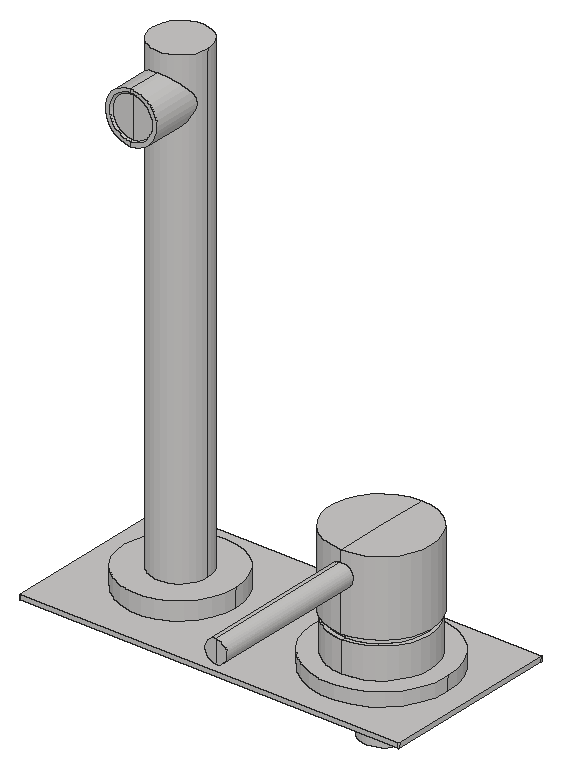
Revit family "Mixer-Basin-Caroma Titan-Wall1", category Plumbing Fixtures, host Face, Revit 2013
Parameters (values of type "Standard")
  Waste Connection = no
  Vent Connection = no
  URL = "http://www.caroma.com.au/"
  Type Comments = "Caroma Titan Wall Basin Mixer"  # constant formula
  Model = "99006SS5A"  # constant formula
  Material_ANZRS = Metal-Stainless Steel-Polished-Caroma
  Manufacturer = "GWA Bathrooms & Kitchens"  # constant formula
  HWFU = 1.58  # constant formula
  HW Connection = yes
  Description = "WELS 5 Star rated, 6L/min"  # constant formula
  Default Elevation = 900 mm
  CreatedBy_ANZRS = "Design Content"  # constant formula
  CreatedByURL_ANZRS = "www.designcontent.com.au"
  Cost = 0
  Connector Radius = 10 mm
  CWFU = 1.58  # constant formula
  CW Connection = yes
  Assembly Code = "C1030210"
Reference planes
  plane 1 "Center (Front/Back)": y = 0
  plane 2: z = 0
  plane 3 "Center (Left/Right)": x = 0
  plane 4 "Left": x = -85
  plane 5 "Top": y = 40
  plane 6 "Bottom": y = -40
  plane 7 "Right": x = 85
  plane 8: x = 45
  plane 9: x = -45
Forms (mm)
  Revolve 1, solid, material "Metal-Stainless Steel-Polished-Caroma" <- "Material_ANZRS"
    sketch origin (-45, -188.696, 160.937) x (0, -0.009072, -0.999959) y (0, 0.999959, -0.009072)
      loop
        line (-31.276, 188.42) -> (-42.776, 188.315) -> (-42.533, 161.598) -> (-33.449, 161.68) -> (-32.811, 160.907) -> (-31.027, 160.923) -> (-31.276, 188.42)
      axis (-42.526, 160.819) -> (-42.776, 188.315)
    angle from 0 to 360
  Extrusion 2, solid, material "Metal-Stainless Steel-Polished-Caroma" <- "Material_ANZRS"
    sketch origin (59.2, 0, 0) x (1, 0, 0) y (0, 1, 0)
      loop
        circle (-7.071, -7.071) r 10
    from -20 to 0
  Extrusion 3, solid, material "Metal-Stainless Steel-Polished-Caroma" <- "Material_ANZRS"
    sketch origin (30.8, 0, 0) x (-1, 0, 0) y (0, -1, 0)
      loop
        circle (-7.071, -7.071) r 10
    from -20 to 0
  Extrusion 4, solid, material "Metal-Stainless Steel-Polished-Caroma" <- "Material_ANZRS"
    sketch origin (45, 0, 0) x (1, 0, 0) y (0, 1, 0)
      loop
        circle (0, 0) r 30
    from 2 to 8
  Revolve 5, solid, material "Metal-Stainless Steel-Polished-Caroma" <- "Material_ANZRS"
    sketch origin (45, 0, -233.5) x (0, 1, 0) y (0, 0, 1)
      loop
        line (0, 291.5) -> (0, 241.5) -> (22, 241.5) -> (22, 255.3) -> (19.994, 255.3)
        arc (19.994, 255.3) -> (19.798, 256.658) -> (19.513, 258) r 20.91
        line (19.513, 258) -> (22.501, 258) -> (22.501, 291.5) -> (0, 291.5)
      axis (0, 291.5) -> (0, 241.5)
    angle from 0 to 360
  Extrusion 6, solid, material "Metal-Stainless Steel-Polished-Caroma" <- "Material_ANZRS"
    sketch origin (45, 0, 0) x (1, 0, 0) y (0, 1, 0)
      loop
        circle (-90, 0) r 25
    from 2 to 9.988
  Extrusion 7, solid, material "Metal-Stainless Steel-Polished-Caroma" <- "Material_ANZRS"
    sketch origin (45, 0, 0) x (1, 0, 0) y (0, 1, 0)
      loop
        circle (-90, 0) r 12.5
    from 8 to 222
  Extrusion 8, solid, material "Metal-Stainless Steel-Polished-Caroma" <- "Material_ANZRS"
    sketch origin (45, 0, 0) x (1, 0, 0) y (0, 1, 0)
      loop
        arc (-129.5, 40) -> (-129.854, 39.854) -> (-130, 39.5) r 0.5
        line (-130, 39.5) -> (-130, -39.5)
        arc (-130, -39.5) -> (-129.854, -39.854) -> (-129.5, -40) r 0.5
        line (-129.5, -40) -> (39.5, -40)
        arc (39.5, -40) -> (39.854, -39.854) -> (40, -39.5) r 0.5
        line (40, -39.5) -> (40, 39.5)
        arc (40, 39.5) -> (39.854, 39.854) -> (39.5, 40) r 0.5
        line (39.5, 40) -> (-129.5, 40)
    from 0 to 2
  Revolve 9, solid, material "Metal-Stainless Steel-Polished-Caroma" <- "Material_ANZRS"
    sketch origin (45, 0, -233.5) x (0, 1, 0) y (0, 0, 1)
      loop
        line (-92.5, 276.52) -> (0, 276.52) -> (0, 281.52) -> (-92.5, 281.52) -> (-92.5, 276.52)
      axis (-92.5, 281.52) -> (0, 281.52)
    angle from 0 to 360
Cuts and joins
  joined: Revolve 1, Extrusion 4, Revolve 5, Extrusion 6, Extrusion 7, Extrusion 8, Revolve 9
Lines and regions (mm)
  Masking region 1
    outline origin (0, 0, 0) x (1, 0, 0) y (0, 1, 0)
      loop
        line (-85, 39.5) -> (-85, -39.5)
        arc (-85, -39.5) -> (-84.854, -39.854) -> (-84.5, -40) r 0.5
        line (-84.5, -40) -> (40, -40) -> (40, -92.5) -> (50, -92.5) -> (50, -40) -> (84.5, -40)
        arc (84.5, -40) -> (84.854, -39.854) -> (85, -39.5) r 0.5
        line (85, -39.5) -> (85, 39.5)
        arc (85, 39.5) -> (84.854, 39.854) -> (84.5, 40) r 0.5
        line (84.5, 40) -> (-84.5, 40)
        arc (-84.5, 40) -> (-84.854, 39.854) -> (-85, 39.5) r 0.5
  Masking region 2
    outline origin (0, 0, 0) x (1, 0, 0) y (0, 0, 1)
      loop
        line (85, 0) -> (85, 2) -> (75, 2) -> (75, 8) -> (67, 8) -> (67, 21.8) -> (64.994, 21.8)
        arc (64.994, 21.8) -> (64.804, 23.159) -> (64.513, 24.5) r 18.301
        line (64.513, 24.5) -> (67.501, 24.5) -> (67.501, 58) -> (22.499, 58) -> (22.499, 24.5) -> (25.487, 24.5)
        arc (25.487, 24.5) -> (25.196, 23.159) -> (25.006, 21.8) r 18.301
        line (25.006, 21.8) -> (23, 21.8) -> (23, 8) -> (15, 8) -> (15, 2) -> (-20, 2) -> (-20, 9.988) -> (-32.5, 9.988) -> (-32.5, 222) -> (-57.5, 222) -> (-57.5, 9.988) -> (-70, 9.988) -> (-70, 2) -> (-85, 2) -> (-85, 0) -> (85, 0)
  symbolic lines
    curve 1: line (-56.5, -27.497, 0) -> (-33.5, -27.497, 0)
    curve 2: line (-33.5, -27.497, 0) -> (-33.5, -4.899, 0)
    curve 3: line (-56.5, -27.497, 0) -> (-56.5, -4.899, 0)
    curve 4: circle (-45, 0, 0) r 12.5 normal (0, 0, 1)
    curve 5: arc (-33.5, -22.198, 0) -> (-45, 25, 0) -> (-56.5, -22.198, 0) r 25
    curve 6: line (40, -92.5, 0) -> (40, -21.938, 0)
    curve 7: line (50, -92.5, 0) -> (50, -21.938, 0)
    curve 8: circle (45, 0, 0) r 22.501 normal (0, 0, 1)
    curve 9: arc (50, -29.58, 0) -> (45, 30, 0) -> (40, -29.58, 0) r 30
    curve 10: line (67, 0, 21.8) -> (23, 0, 21.8)
    curve 11: line (67.501, 0, 24.5) -> (22.499, 0, 24.5)
    curve 12: line (75, 0, 8) -> (15, 0, 8)
    curve 13: line (84.5, 0, 2) -> (-84.5, 0, 2)
    curve 14: line (-70, 0, 9.988) -> (-20, 0, 9.988)
Dimensions and locks
  aligned and locked: plane 2 to host face
  aligned and locked: level to host face
Connectors
  piping at (52.129, -7.071, -20), driven by "Connector Radius", driven by "CWFU"
    settings: on Extrusion 2, index 3, connector radius 0.3937", flow factor 0, pipe flow 0 GPM, pressure drop 0.00 psi, fitting loss kfactor 0, connector angle 0.00°, fixture units 1.58, engagement length 0 mm, flow configuration 3, flow direction 1, fitting loss method 1, system type 20, joint type 0, gender type 0, connector reference index -1, connector utility 0, adjustable connector no, is connector primary yes, fitting loss table "Inward Projecting Pipe", connector description "Cold Inlet"
  piping at (37.871, 7.071, -20), driven by "Connector Radius", driven by "HWFU"
    settings: on Extrusion 3, index 4, connector radius 0.3937", flow factor 0, pipe flow 0 GPM, pressure drop 0.00 psi, fitting loss kfactor 0, connector angle 0.00°, fixture units 1.58, engagement length 0 mm, flow configuration 3, flow direction 1, fitting loss method 1, system type 19, joint type 0, gender type 0, connector reference index -1, connector utility 0, adjustable connector no, is connector primary no, fitting loss table "Inward Projecting Pipe", connector description "Hot Inlet"
